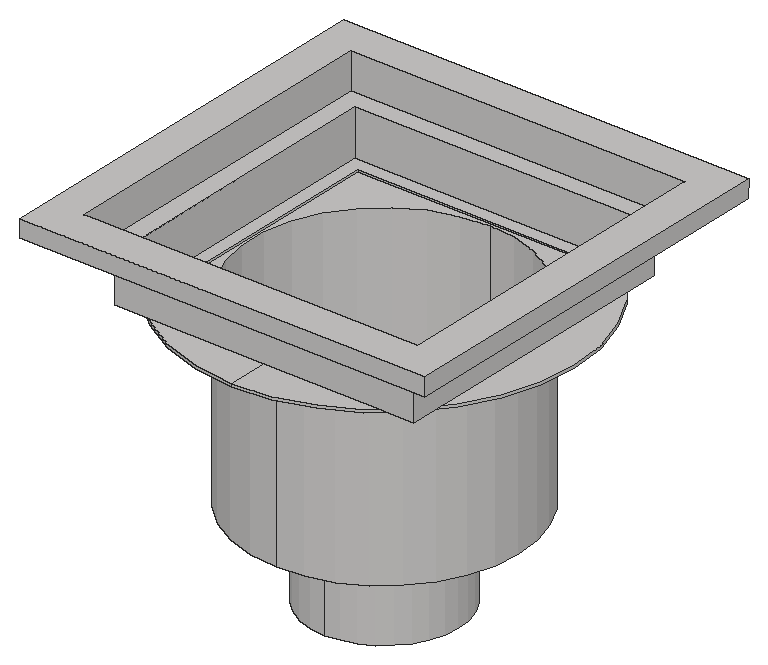
Revit family "QF_ZANUSSI_328051_FDA3030", category Attrezzature speciali, Revit 2020
Family settings
  Quota connettore circolare = Usa diametro
  Tipo di parte = Normale
  Basato su piano di lavoro = No
  Sempre verticale = Sì
  Taglio con vuoti quando caricato = No
  Condiviso = No
  Punto di calcolo locali = No
Parameters (values of type "Standard")
  Weight = 26.4555 lbm
  Watts = 0 W
  Volts = 0 V
  URL Manufacturer = "http://www.zanussiprofessional.com"
  URL = "http://www.zanussiprofessional.com"
  Steam Supply Size = 0"
  Steam Supply Minimum Pressure = 0.00 psi
  Steam Supply Maximum Pressure = 0.00 psi
  Steam Consumption per Hour = 0
  Refrigeration Suction Line Size = 0 mm
  Refrigeration Liquid Line Size = 0 mm
  Refrigerant Compressor Remote = yes
  Prospetto di default = 0 mm
  Phase = 0
  Modello = "FDA3030"
  Produttore = "Zanussi"
  Length Actual = 300 mm  # constant formula
  Item Number = "328051"
  Hot Water Size = 0"
  Height Actual = 265 mm  # constant formula
  HP = "0 HP"
  Gas Size = 0"
  Gas KW = 0
  Gas Input Pressure = 0.0 Btu/h
  Direct Waste Size = 3.93701"
  Descrizione = "FLOOR DRAIN+GRATE-VERTIC.OUTLET 300X300"
  Depth Actual = 300 mm  # constant formula
  Cycle = 0 Hz
  Condensate Return Size = 0"
  Compressed Air Volume = 0 GPM
  Compressed Air Size = 0"
  Compressed Air Pressure = 0.00 psi
  Cold Water Size = 0"
  Assembly Code = ""
  Accessory = yes
Reference planes
  plane 1: z = 0
  plane 2 "Center (Front/Back)": y = -102.225
  plane 3 "Center (Left/Right)": x = 9.791
  plane 4 "TOP": z = -265
  plane 5 "Back": y = 47.775
  plane 6 "Front": y = -252.225
  plane 7: x = -140.209
  plane 8: x = 159.791
Forms (mm)
  Revolve 1, solid, material "QF_Metal-Stainless-Polished"
    sketch origin (9.791, 0, 0) x (0, 1, 0) y (0, 0, 1)
      loop
        line (38.775, -62) -> (38.775, -60) -> (-4.225, -60) -> (-4.225, -198) -> (-49.225, -198) -> (-49.225, -265) -> (-47.225, -265) -> (-47.225, -200) -> (-2.225, -200) -> (-2.225, -62) -> (38.775, -62)
      axis (-102.225, -265) -> (-102.225, -60)
    angle from 0 to 360
  Sweep 2, solid, material "QF_Finishes_Stainless Steel"
    path origin (0, 0, 0) x (1, 0, 0) y (0, 1, 0)
      loop
        line (-140.209, 47.775) -> (-140.209, -252.225) -> (159.791, -252.225) -> (159.791, 47.775) -> (-140.209, 47.775)
    profile origin (9.791, 47.775, 0) x (0, 1, 0) y (0, 0, 1)
      loop
        line (0, -11.945) -> (0, 1) -> (-26, 1) -> (-26, -25) -> (-40, -25) -> (-40, -59) -> (-50, -59) -> (-50, -60) -> (-39, -60) -> (-39, -26) -> (-25, -26) -> (-25, 0.055) -> (-1, 0.055) -> (-1, -11.945) -> (0, -11.945)
Lines and regions (mm)
  symbolic lines
    curve 1: line (-140.209, 47.775, 0) -> (159.791, 47.775, 0)
    curve 2: line (-140.209, -252.225, 0) -> (-140.209, 47.775, 0)
    curve 3: line (159.791, -252.225, 0) -> (-140.209, -252.225, 0)
    curve 4: line (159.791, 47.775, 0) -> (159.791, -252.225, 0)
    curve 5: circle (9.791, -102.225, 0) r 115 normal (0, 0, 1)
    curve 18: circle (9.791, -102.225, 0) r 115 normal (0, 0, -1)
    curve 31: line (-114.209, 21.775, 0) -> (133.791, 21.775, 0)
    curve 32: line (-114.209, -226.225, 0) -> (-114.209, 21.775, 0)
    curve 33: line (133.791, -226.225, 0) -> (-114.209, -226.225, 0)
    curve 34: line (133.791, 21.775, 0) -> (133.791, -226.225, 0)
    curve 35: circle (9.791, -102.225, 0) r 53 normal (0, 0, 1)
  model lines
    curve 6: line (-100.209, 21.775, 0) -> (-100.209, -226.225, 0)
    curve 7: line (-80.209, 21.775, 0) -> (-80.209, -226.225, 0)
    curve 8: line (-60.209, 21.775, 0) -> (-60.209, -226.225, 0)
    curve 9: line (-40.209, 21.775, 0) -> (-40.209, -226.225, 0)
    curve 10: line (-20.209, 21.775, 0) -> (-20.209, -226.225, 0)
    curve 11: line (-0.209, 21.775, 0) -> (-0.209, -226.225, 0)
    curve 12: line (19.791, 21.775, 0) -> (19.791, -226.225, 0)
    curve 13: line (39.791, 21.775, 0) -> (39.791, -226.225, 0)
    curve 14: line (59.791, 21.775, 0) -> (59.791, -226.225, 0)
    curve 15: line (79.791, 21.775, 0) -> (79.791, -226.225, 0)
    curve 16: line (99.791, 21.775, 0) -> (99.791, -226.225, 0)
    curve 17: line (119.791, 21.775, 0) -> (119.791, -226.225, 0)
    curve 19: line (-114.209, 7.775, 0) -> (133.791, 7.775, 0)
    curve 20: line (-114.209, -12.225, 0) -> (133.791, -12.225, 0)
    curve 21: line (-114.209, -32.225, 0) -> (133.791, -32.225, 0)
    curve 22: line (-114.209, -52.225, 0) -> (133.791, -52.225, 0)
    curve 23: line (-114.209, -72.225, 0) -> (133.791, -72.225, 0)
    curve 24: line (-114.209, -92.225, 0) -> (133.791, -92.225, 0)
    curve 25: line (-114.209, -112.225, 0) -> (133.791, -112.225, 0)
    curve 26: line (-114.209, -132.225, 0) -> (133.791, -132.225, 0)
    curve 27: line (-114.209, -152.225, 0) -> (133.791, -152.225, 0)
    curve 28: line (-114.209, -172.225, 0) -> (133.791, -172.225, 0)
    curve 29: line (-114.209, -192.225, 0) -> (133.791, -192.225, 0)
    curve 30: line (-114.209, -212.225, 0) -> (133.791, -212.225, 0)
Dimensions and locks
  equal spacing: plane 5 "Back", plane 2 "Center (Front/Back)", plane 6 "Front"
  plane 5 "Back" to plane 6 "Front" = 300 mm
  equal spacing: plane 8, plane 3 "Center (Left/Right)", plane 7
  plane 8 to plane 7 = 300 mm
  level to plane 4 "TOP" = 265 mm
  aligned and locked: level to plane 1
Automatic sketch dimensions
  Revolve 1 sketch curve to plane 2 "Center (Front/Back)" = 0 mm
  plane 5 "Back" to Revolve 1 sketch curve = 52 mm
  plane 4 "TOP" to Revolve 1 sketch curve = 65 mm
  Revolve 1 sketch curve to level = 62 mm
  Revolve 1 sketch curve to Revolve 1 sketch curve = 2 mm  (x4)
  Revolve 1 sketch curve to Revolve 1 sketch curve = 41 mm
  Revolve 1 sketch curve to plane 4 "TOP" = 344.6 mm
  level to Revolve 1 sketch curve = 2466.13 mm
  plane 6 "Front" to Sweep 2 sketch curve = 0 mm
  Sweep 2 sketch curve to plane 7 = 0 mm
  Sweep 2 sketch curve to plane 8 = 0 mm
  plane 5 "Back" to Sweep 2 sketch curve = 0 mm
  level to Sweep 2 sketch curve = 1 mm
  Sweep 2 sketch curve to profile plane = 0 mm
  profile plane to Sweep 2 sketch curve = 1 mm
  profile plane to Sweep 2 sketch curve = 25 mm
  Sweep 2 sketch curve to Sweep 2 sketch curve = 1 mm  (x4)
  Sweep 2 sketch curve to Sweep 2 sketch curve = 14 mm
  level to Sweep 2 sketch curve = 0.055 mm
  Sweep 2 sketch curve to Sweep 2 sketch curve = 12 mm
  Sweep 2 sketch curve to level = 25 mm
  Sweep 2 sketch curve to Sweep 2 sketch curve = 33 mm
  Sweep 2 sketch curve to Sweep 2 sketch curve = 10 mm
  Revolve 1 sketch curve to plane 4 "TOP" = 0 mm
  Revolve 1 sketch curve to Revolve 1 sketch curve = 43 mm
  plane 6 "Front" to curve 3 = 0 mm
  curve 3 to plane 7 = 0 mm
  plane 5 "Back" to curve 1 = 0 mm
  curve 1 to plane 8 = 0 mm
  curve 33 to plane 6 "Front" = 26 mm
  plane 5 "Back" to curve 31 = 26 mm
  plane 2 "Center (Front/Back)" to curve 24 = 10 mm
  plane 7 to curve 26 = 26 mm
  curve 32 to curve 6 = 14 mm
  curve 6 to curve 7 = 20 mm
  curve 7 to curve 8 = 20 mm
  curve 8 to curve 9 = 20 mm
  curve 9 to curve 10 = 20 mm
  curve 11 to plane 3 "Center (Left/Right)" = 10 mm
  plane 3 "Center (Left/Right)" to curve 12 = 10 mm
  curve 12 to curve 13 = 20 mm
  curve 13 to curve 14 = 20 mm
  curve 14 to curve 15 = 20 mm
  curve 15 to curve 16 = 20 mm
  curve 17 to curve 31 = 14 mm
  curve 24 to plane 8 = 26 mm
  curve 32 to curve 30 = 14 mm
  curve 30 to curve 29 = 20 mm
  curve 29 to curve 28 = 20 mm
  curve 28 to curve 27 = 20 mm
  curve 27 to curve 26 = 20 mm
  curve 25 to plane 2 "Center (Front/Back)" = 10 mm
  curve 24 to curve 23 = 20 mm
  curve 23 to curve 22 = 20 mm
  curve 22 to curve 21 = 20 mm
  curve 21 to curve 20 = 20 mm
  curve 19 to curve 31 = 14 mm
  curve 5 to curve 18 = 0 mm  (x2)
  curve 5 to curve 35 = 0 mm  (x2)
  curve 18 to curve 35 = 0 mm  (x2)
  curve 5 to plane 2 "Center (Front/Back)" = 0 mm
  curve 5 to plane 3 "Center (Left/Right)" = 0 mm
  radius of curve 5 = 115 mm
  radius of curve 18 = 115 mm
  radius of curve 35 = 53 mm
Connectors
  piping at (9.791, -102.225, -265), diameter 100, driven by "Direct Waste Size"
    settings: on Revolve 1, index 1, connector inside diameter 24", connector length 0 mm, flow factor 0, pipe flow 0 GPM, pressure drop 0.00 psi, fitting loss kfactor 0, connector angle 0.00°, fixture units 0, engagement length 0 mm, angle of deflection 0.00°, flow configuration 1, flow direction 2, fitting loss method 0, system type 16, joint type 0, gender type 0, connector reference index -1, connector utility 0, adjustable connector no, is connector primary yes, connector description "Drain"
